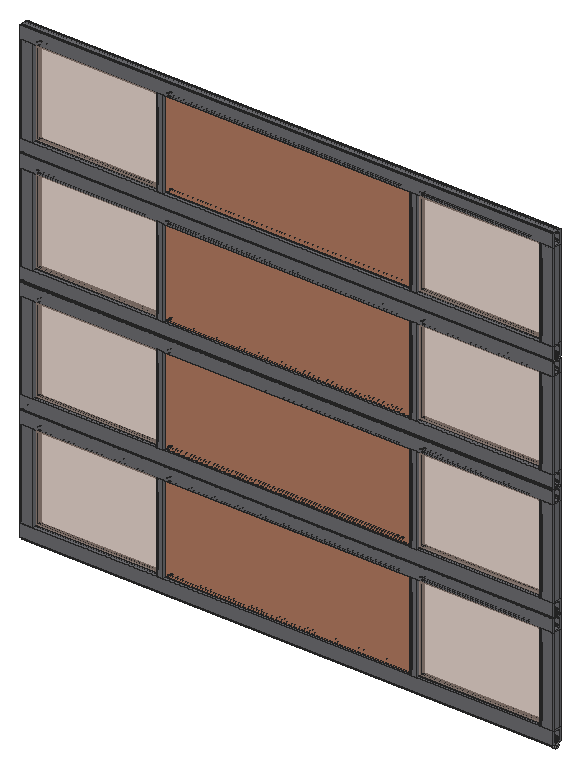
Revit family "GASY 12PUE T3C", category Doors, host Wall, Revit 2024 (continued)
Automatic sketch dimensions
  Sweep 19 sketch curve to Sweep 19 sketch curve = 0.018 mm
  Sweep 19 sketch curve to Sweep 19 sketch curve = 0.095 mm
  Sweep 19 sketch curve to Sweep 19 sketch curve = 0.868 mm
  Sweep 19 sketch curve to Sweep 19 sketch curve = 1.122 mm  (x2)
  Sweep 19 sketch curve to Sweep 19 sketch curve = 0.47 mm
  Sweep 19 sketch curve to Sweep 19 sketch curve = 0.807 mm
  Sweep 19 sketch curve to Sweep 19 sketch curve = 1.2 mm
  profile plane to Sweep 19 sketch curve = 54.681 mm
  Sweep 19 sketch curve to Sweep 19 sketch curve = 0.212 mm
  Sweep 19 sketch curve to Sweep 19 sketch curve = 1.3 mm
  Sweep 19 sketch curve to Sweep 19 sketch curve = 1.535 mm
  Sweep 19 sketch curve to Sweep 19 sketch curve = 0.7 mm
  Sweep 19 sketch curve to Sweep 19 sketch curve = 0.3 mm  (x2)
  Sweep 19 sketch curve to Sweep 19 sketch curve = 0.6 mm
  Sweep 19 sketch curve to Sweep 19 sketch curve = 7.377 mm
  Sweep 19 sketch curve to Sweep 19 sketch curve = 0.456 mm
  Sweep 19 sketch curve to Sweep 19 sketch curve = 0.922 mm
  Sweep 19 sketch curve to Sweep 19 sketch curve = 0.163 mm
  Sweep 19 sketch curve to Sweep 19 sketch curve = 1.244 mm
  Sweep 19 sketch curve to Sweep 19 sketch curve = 0.394 mm
  Sweep 19 sketch curve to Sweep 19 sketch curve = 0.4 mm
  Sweep 19 sketch curve to Sweep 19 sketch curve = 0.837 mm
  Sweep 19 sketch curve to Sweep 19 sketch curve = 2.5 mm
  plane 2 "Center (Left/Right)" to Sweep 20 sketch curve = 610 mm
  plane 4 "Right" to Sweep 20 sketch curve = 30.007 mm
  level to Sweep 20 sketch curve = 79.909 mm
  Sweep 20 sketch curve to Sweep 20 sketch curve = 413.091 mm
  Sweep 20 sketch curve to profile plane = 0 mm
  profile plane to Sweep 20 sketch curve = 0.833 mm
  profile plane to Sweep 20 sketch curve = 1.4 mm
  Sweep 20 sketch curve to Sweep 20 sketch curve = 0.567 mm
  Sweep 20 sketch curve to Sweep 20 sketch curve = 0.2 mm
  Sweep 20 sketch curve to Sweep 20 sketch curve = 0.5 mm  (x3)
  Sweep 20 sketch curve to profile plane = 0.455 mm
  Sweep 20 sketch curve to profile plane = 0.6 mm
  Sweep 20 sketch curve to Sweep 20 sketch curve = 0.333 mm
  Sweep 20 sketch curve to profile plane = 6.899 mm
  Sweep 20 sketch curve to Sweep 20 sketch curve = 1.1 mm
  Sweep 20 sketch curve to Sweep 20 sketch curve = 1.4 mm  (x2)
  Sweep 20 sketch curve to Sweep 20 sketch curve = 1.422 mm
  Sweep 20 sketch curve to Sweep 20 sketch curve = 0.778 mm  (x2)
  Sweep 20 sketch curve to Sweep 20 sketch curve = 2.987 mm
  Sweep 20 sketch curve to Sweep 20 sketch curve = 0.018 mm
  Sweep 20 sketch curve to Sweep 20 sketch curve = 0.095 mm
  Sweep 20 sketch curve to Sweep 20 sketch curve = 0.868 mm
  Sweep 20 sketch curve to Sweep 20 sketch curve = 1.122 mm  (x2)
  Sweep 20 sketch curve to Sweep 20 sketch curve = 0.47 mm
  Sweep 20 sketch curve to Sweep 20 sketch curve = 0.807 mm
  Sweep 20 sketch curve to Sweep 20 sketch curve = 1.2 mm
  profile plane to Sweep 20 sketch curve = 54.681 mm
  Sweep 20 sketch curve to Sweep 20 sketch curve = 0.212 mm
  Sweep 20 sketch curve to Sweep 20 sketch curve = 1.3 mm
  Sweep 20 sketch curve to Sweep 20 sketch curve = 1.535 mm
  Sweep 20 sketch curve to Sweep 20 sketch curve = 0.7 mm
  Sweep 20 sketch curve to Sweep 20 sketch curve = 0.3 mm  (x2)
  Sweep 20 sketch curve to Sweep 20 sketch curve = 0.6 mm
  Sweep 20 sketch curve to Sweep 20 sketch curve = 7.377 mm
  Sweep 20 sketch curve to Sweep 20 sketch curve = 0.456 mm
  Sweep 20 sketch curve to Sweep 20 sketch curve = 0.922 mm
  Sweep 20 sketch curve to Sweep 20 sketch curve = 0.163 mm
  Sweep 20 sketch curve to Sweep 20 sketch curve = 1.244 mm
  Sweep 20 sketch curve to Sweep 20 sketch curve = 0.394 mm
  Sweep 20 sketch curve to Sweep 20 sketch curve = 0.4 mm
  Sweep 20 sketch curve to Sweep 20 sketch curve = 0.837 mm
  Sweep 20 sketch curve to Sweep 20 sketch curve = 2.5 mm
  Sweep 21 sketch curve to plane 2 "Center (Left/Right)" = 610 mm
  Sweep 21 sketch curve to plane 3 "Left" = 30.007 mm
  level to Sweep 21 sketch curve = 493 mm
  level to Sweep 21 sketch curve = 79.909 mm
  profile plane to Sweep 21 sketch curve = 0 mm
  profile plane to Sweep 21 sketch curve = 0.455 mm
  profile plane to Sweep 21 sketch curve = 0.6 mm
  Sweep 21 sketch curve to Sweep 21 sketch curve = 0.333 mm
  Sweep 21 sketch curve to Sweep 21 sketch curve = 0.5 mm  (x3)
  profile plane to Sweep 21 sketch curve = 6.899 mm
  Sweep 21 sketch curve to Sweep 21 sketch curve = 1.1 mm
  Sweep 21 sketch curve to Sweep 21 sketch curve = 0.3 mm  (x3)
  Sweep 21 sketch curve to Sweep 21 sketch curve = 1.422 mm
  Sweep 21 sketch curve to Sweep 21 sketch curve = 0.778 mm  (x2)
  Sweep 21 sketch curve to Sweep 21 sketch curve = 2.987 mm
  Sweep 21 sketch curve to Sweep 21 sketch curve = 0.018 mm
  Sweep 21 sketch curve to Sweep 21 sketch curve = 0.095 mm
  Sweep 21 sketch curve to Sweep 21 sketch curve = 0.868 mm
  Sweep 21 sketch curve to Sweep 21 sketch curve = 1.122 mm  (x2)
  Sweep 21 sketch curve to Sweep 21 sketch curve = 0.47 mm
  Sweep 21 sketch curve to Sweep 21 sketch curve = 0.807 mm
  Sweep 21 sketch curve to Sweep 21 sketch curve = 1.2 mm
  Sweep 21 sketch curve to Sweep 21 sketch curve = 0.833 mm
  Sweep 21 sketch curve to profile plane = 1.4 mm
  Sweep 21 sketch curve to Sweep 21 sketch curve = 0.567 mm
  Sweep 21 sketch curve to Sweep 21 sketch curve = 0.2 mm
  profile plane to Sweep 21 sketch curve = 54.681 mm
  Sweep 21 sketch curve to Sweep 21 sketch curve = 0.212 mm
  Sweep 21 sketch curve to Sweep 21 sketch curve = 1.3 mm
  Sweep 21 sketch curve to Sweep 21 sketch curve = 1.535 mm
  Sweep 21 sketch curve to Sweep 21 sketch curve = 0.7 mm
  Sweep 21 sketch curve to Sweep 21 sketch curve = 0.6 mm
  Sweep 21 sketch curve to Sweep 21 sketch curve = 7.377 mm
  Sweep 21 sketch curve to Sweep 21 sketch curve = 0.456 mm
  Sweep 21 sketch curve to Sweep 21 sketch curve = 1.4 mm
  Sweep 21 sketch curve to Sweep 21 sketch curve = 0.922 mm
  Sweep 21 sketch curve to Sweep 21 sketch curve = 0.163 mm
  Sweep 21 sketch curve to Sweep 21 sketch curve = 1.244 mm
  Sweep 21 sketch curve to Sweep 21 sketch curve = 0.394 mm
  Sweep 21 sketch curve to Sweep 21 sketch curve = 0.4 mm
  Sweep 21 sketch curve to Sweep 21 sketch curve = 0.837 mm
  Sweep 21 sketch curve to Sweep 21 sketch curve = 2.5 mm
  Sweep 22 sketch curve to plane 2 "Center (Left/Right)" = 580 mm
  level to Sweep 22 sketch curve = 80 mm
  plane 2 "Center (Left/Right)" to Sweep 22 sketch curve = 580 mm
  Sweep 22 sketch curve to Sweep 22 sketch curve = 413 mm
  Sweep 22 sketch curve to profile plane = 0 mm
  profile plane to Sweep 22 sketch curve = 0.833 mm
  profile plane to Sweep 22 sketch curve = 1.4 mm
  Sweep 22 sketch curve to Sweep 22 sketch curve = 0.567 mm
  Sweep 22 sketch curve to Sweep 22 sketch curve = 0.2 mm
  Sweep 22 sketch curve to Sweep 22 sketch curve = 0.5 mm  (x3)
  Sweep 22 sketch curve to profile plane = 0.455 mm
  Sweep 22 sketch curve to profile plane = 0.6 mm
  Sweep 22 sketch curve to Sweep 22 sketch curve = 0.333 mm
  Sweep 22 sketch curve to profile plane = 6.899 mm
  Sweep 22 sketch curve to Sweep 22 sketch curve = 1.1 mm
  Sweep 22 sketch curve to Sweep 22 sketch curve = 1.4 mm  (x2)
  Sweep 22 sketch curve to Sweep 22 sketch curve = 1.422 mm
  Sweep 22 sketch curve to Sweep 22 sketch curve = 0.778 mm  (x2)
  Sweep 22 sketch curve to Sweep 22 sketch curve = 2.987 mm
  Sweep 22 sketch curve to Sweep 22 sketch curve = 0.018 mm
  Sweep 22 sketch curve to Sweep 22 sketch curve = 0.095 mm
  Sweep 22 sketch curve to Sweep 22 sketch curve = 0.868 mm
  Sweep 22 sketch curve to Sweep 22 sketch curve = 1.122 mm  (x2)
  Sweep 22 sketch curve to Sweep 22 sketch curve = 0.47 mm
  Sweep 22 sketch curve to Sweep 22 sketch curve = 0.807 mm
  Sweep 22 sketch curve to Sweep 22 sketch curve = 1.2 mm
  profile plane to Sweep 22 sketch curve = 54.681 mm
  Sweep 22 sketch curve to Sweep 22 sketch curve = 0.212 mm
  Sweep 22 sketch curve to Sweep 22 sketch curve = 1.3 mm
  Sweep 22 sketch curve to Sweep 22 sketch curve = 1.535 mm
  Sweep 22 sketch curve to Sweep 22 sketch curve = 0.7 mm
  Sweep 22 sketch curve to Sweep 22 sketch curve = 0.3 mm  (x2)
  Sweep 22 sketch curve to Sweep 22 sketch curve = 0.6 mm
  Sweep 22 sketch curve to Sweep 22 sketch curve = 7.377 mm
  Sweep 22 sketch curve to Sweep 22 sketch curve = 0.456 mm
  Sweep 22 sketch curve to Sweep 22 sketch curve = 0.922 mm
  Sweep 22 sketch curve to Sweep 22 sketch curve = 0.163 mm
  Sweep 22 sketch curve to Sweep 22 sketch curve = 1.244 mm
  Sweep 22 sketch curve to Sweep 22 sketch curve = 0.394 mm
  Sweep 22 sketch curve to Sweep 22 sketch curve = 0.4 mm
  Sweep 22 sketch curve to Sweep 22 sketch curve = 0.837 mm
  Sweep 22 sketch curve to Sweep 22 sketch curve = 2.5 mm
  Extrusion 23 sketch curve to plane 12 = 29.416 mm
  Extrusion 23 sketch curve to Extrusion 23 sketch curve = 6 mm
  plane 5 to Extrusion 23 sketch curve = 25 mm
  Extrusion 23 sketch curve to Extrusion 23 sketch curve = 413 mm
  Extrusion 24 sketch curve to plane 12 = 32.416 mm
  Extrusion 24 sketch curve to plane 12 = 27.416 mm  (x6)
  Extrusion 24 sketch curve to Extrusion 24 sketch curve = 9 mm  (x2)
  Extrusion 24 sketch curve to Extrusion 24 sketch curve = 4 mm  (x5)
  plane 5 to Extrusion 24 sketch curve = 564.007 mm
  Extrusion 24 sketch curve to Extrusion 24 sketch curve = 67.5 mm  (x2)
  Extrusion 24 sketch curve to Extrusion 24 sketch curve = 8 mm  (x6)
  Extrusion 24 sketch curve to Extrusion 24 sketch curve = 46 mm  (x5)
  Extrusion 25 sketch curve to plane 12 = 29.416 mm
  Extrusion 25 sketch curve to Extrusion 25 sketch curve = 6 mm
  plane 5 to Extrusion 25 sketch curve = 977.007 mm
  Extrusion 25 sketch curve to Extrusion 25 sketch curve = 413 mm
  Extrusion 26 sketch curve to plane 12 = 29.416 mm
  Extrusion 26 sketch curve to Extrusion 26 sketch curve = 6 mm
  plane 5 to Extrusion 26 sketch curve = 564.007 mm
  Extrusion 26 sketch curve to Extrusion 26 sketch curve = 413 mm
  Extrusion 27 sketch curve to plane 12 = 32.416 mm
  Extrusion 27 sketch curve to plane 12 = 27.416 mm  (x6)
  Extrusion 27 sketch curve to Extrusion 27 sketch curve = 9 mm  (x2)
  Extrusion 27 sketch curve to Extrusion 27 sketch curve = 4 mm  (x5)
  level to Extrusion 27 sketch curve = 1031.993 mm
  Extrusion 27 sketch curve to Extrusion 27 sketch curve = 67.5 mm  (x2)
  Extrusion 27 sketch curve to Extrusion 27 sketch curve = 8 mm  (x6)
  Extrusion 27 sketch curve to Extrusion 27 sketch curve = 46 mm  (x5)
  Extrusion 28 sketch curve to plane 12 = 29.416 mm
  Extrusion 28 sketch curve to Extrusion 28 sketch curve = 6 mm
  level to Extrusion 28 sketch curve = 618.993 mm
  Extrusion 28 sketch curve to Extrusion 28 sketch curve = 413 mm
  Extrusion 29 sketch curve to plane 12 = 29.416 mm
  Extrusion 29 sketch curve to Extrusion 29 sketch curve = 6 mm
  level to Extrusion 29 sketch curve = 1031.993 mm
  Extrusion 29 sketch curve to Extrusion 29 sketch curve = 413 mm
  Extrusion 30 sketch curve to plane 12 = 32.416 mm
  Extrusion 30 sketch curve to plane 12 = 27.416 mm  (x6)
  Extrusion 30 sketch curve to Extrusion 30 sketch curve = 9 mm  (x2)
  Extrusion 30 sketch curve to Extrusion 30 sketch curve = 4 mm  (x5)
  level to Extrusion 30 sketch curve = 492.993 mm
  Extrusion 30 sketch curve to Extrusion 30 sketch curve = 67.5 mm  (x2)
  Extrusion 30 sketch curve to Extrusion 30 sketch curve = 8 mm  (x6)
  Extrusion 30 sketch curve to Extrusion 30 sketch curve = 46 mm  (x5)
  Extrusion 31 sketch curve to plane 12 = 29.416 mm
  Extrusion 31 sketch curve to Extrusion 31 sketch curve = 6 mm
  level to Extrusion 31 sketch curve = 79.993 mm
  Extrusion 31 sketch curve to Extrusion 31 sketch curve = 413 mm
  Extrusion 32 sketch curve to plane 12 = 29.416 mm
  Extrusion 32 sketch curve to Extrusion 32 sketch curve = 6 mm
  level to Extrusion 32 sketch curve = 492.993 mm
  level to Extrusion 32 sketch curve = 79.993 mm
